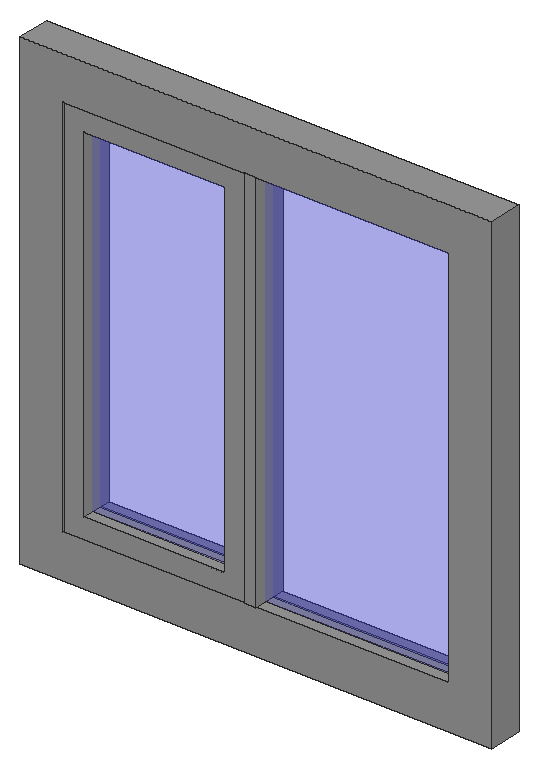
Revit family "Family64", category Windows, host Wall, Revit 2018
Family settings
  Host = Wall
  OmniClass Number = 23.30.20.00
  OmniClass Title = Windows
  Always vertical = Yes
  Cut with Voids When Loaded = No
  Shared = No
  Room Calculation Point = No
Parameters
  Window Frame = 84 mm
  Visual Light Transmittance = 0.81
  URL = "www.skywardwindows.co.za"
  Thermal Resistance (R) = 0.3196 (m²·K)/W
  Telephone = "021 276 1800"
  Solar Heat Gain Coefficient = 0.76
  Manufacturer = "Skyward Windows"
  Height = 1190 mm
  Heat Transfer Coefficient (U) = 3.1292 W/(m²·K)
  Glass Thickness = 4 mm
  Glass = Glass
  Frame = White
  Email Address = "info@skywardwindows.co.za"
  Default Sill Height = 800 mm
  Wall Closure = By host
  Width = 1190 mm
  Company Address = "Charles Matthews Street Atlantis 7349"
  Analytic Construction = "Double glazing - domestic"
Reference planes
  plane 1 "Center (Front/Back)": y = 0
  plane 2 "Center (Left/Right)": x = 0
  plane 3 "Left": x = -595
  plane 4 "Right": x = 595
  plane 5 "Sill": z = 800
  plane 6 "Head": z = 1990
  plane 7 "Exterior": y = 100
  plane 8 "Interior": y = -100
Forms (mm)
  Extrusion 1, solid, material "White" <- "Frame"
    sketch origin (0, -100, 0) x (1, 0, 0) y (0, 0, 1)
      loop
        line (-595, 1990) -> (-595, 800) -> (595, 800) -> (595, 1990) -> (-595, 1990)
      loop
        line (-486, 909) -> (486, 909) -> (486, 1881) -> (-486, 1881) -> (-486, 909)
    from -142 to -58
  Extrusion 2, solid, material "White" <- "Frame"
    sketch origin (0, -100, 0) x (1, 0, 0) y (0, 0, 1)
      loop
        line (-486, 1881) -> (-486, 909) -> (-30, 909) -> (-30, 1881) -> (-486, 1881)
      loop
        line (-436, 1831) -> (-436, 959) -> (-80, 959) -> (-80, 1831) -> (-436, 1831)
    from -140 to -60
  Extrusion 3, solid, material "White" <- "Frame"
    sketch origin (0, -100, 0) x (1, 0, 0) y (0, 0, 1)
      loop
        line (-27.495, 1881) -> (-27.495, 909) -> (0, 909) -> (0, 1881) -> (-27.495, 1881)
    from -142 to -58
  Extrusion 4, solid, material "Glass" <- "Glass"
    sketch origin (0, 0, 0) x (1, 0, 0) y (0, 1, 0)
      loop
        line (-436, 14) -> (-436, 10) -> (-80, 10) -> (-80, 14) -> (-436, 14)
      loop
        line (-436, -10) -> (-436, -14) -> (-80, -14) -> (-80, -10) -> (-436, -10)
    from 959 to 1831
  Extrusion 5, solid, material "Glass" <- "Glass"
    sketch origin (0, 0, 0) x (1, 0, 0) y (0, 1, 0)
      loop
        line (0, 14) -> (0, 10) -> (486, 10) -> (486, 14) -> (0, 14)
      loop
        line (486, -10) -> (0, -10) -> (0, -14) -> (486, -14) -> (486, -10)
    from 909 to 1881
Lines and regions (mm)
  Opening 1
    outline origin (3500, -100, 0) x (1, 0, 0) y (0, 0, 1)
      loop
        line (-2905, 800) -> (-2905, 1990) -> (-4095, 1990) -> (-4095, 800) -> (-2905, 800)
Text (mm)
  text "EXTERIOR" at (-1963.203, 1332.353, 0), in view "Ref. Level"
  text "INTERIOR" at (-1981.466, -818.386, 0), in view "Ref. Level"
  text "Exterior" at (0, 923.751, 2943.296), in view "Right"
  text "Exterior" at (0, 1040.484, 2685.409), in view "Left"
Dimensions and locks
  equal spacing: plane 3 "Left", plane 2 "Center (Left/Right)", plane 4 "Right"
  "Width": plane 3 "Left" to plane 4 "Right"
  "Height": plane 5 "Sill" to plane 6 "Head"
  "Default Sill Height": plane 5 "Sill" to level
  locked: plane 7 "Exterior" to host wall at 0
  locked: plane 8 "Interior" to host wall
  "Window Frame": Extrusion 1 to Extrusion 1
  "Glass Thickness": Extrusion 4 to Extrusion 4
  "Glass Thickness": Extrusion 5 to Extrusion 5
  aligned and locked: Extrusion 1 sketch curve to host wall  (x4)
  aligned and locked: Extrusion 4 to Extrusion 2
Automatic sketch dimensions
  Opening 1 sketch curve to plane 3 "Left" = 0 mm
  Opening 1 sketch curve to plane 4 "Right" = 0 mm
  Opening 1 sketch curve to plane 5 "Sill" = 0 mm
  Opening 1 sketch curve to plane 6 "Head" = 0 mm
  Extrusion 1 sketch curve to plane 3 "Left" = 109 mm
  plane 4 "Right" to Extrusion 1 sketch curve = 109 mm
  Extrusion 1 sketch curve to plane 5 "Sill" = 109 mm
  plane 6 "Head" to Extrusion 1 sketch curve = 109 mm
  Extrusion 2 sketch curve to plane 3 "Left" = 109 mm
  Extrusion 2 sketch curve to Extrusion 2 sketch curve = 50 mm  (x3)
  plane 2 "Center (Left/Right)" to Extrusion 2 sketch curve = 80 mm
  plane 2 "Center (Left/Right)" to Extrusion 2 sketch curve = 30 mm
  Extrusion 2 sketch curve to plane 5 "Sill" = 109 mm
  plane 6 "Head" to Extrusion 2 sketch curve = 159 mm
  plane 2 "Center (Left/Right)" to Extrusion 3 sketch curve = 0 mm
  plane 2 "Center (Left/Right)" to Extrusion 3 sketch curve = 27.495 mm
  Extrusion 3 sketch curve to plane 5 "Sill" = 109 mm
  plane 6 "Head" to Extrusion 3 sketch curve = 109 mm
  Extrusion 4 sketch curve to host wall = 14 mm
  Extrusion 4 sketch curve to plane 3 "Left" = 159 mm
  Extrusion 4 sketch curve to Extrusion 4 sketch curve = 0 mm  (x2)
  host wall to Extrusion 4 sketch curve = 10 mm
  plane 2 "Center (Left/Right)" to Extrusion 4 sketch curve = 80 mm
  Extrusion 4 sketch curve to Extrusion 4 sketch curve = 4 mm  (x2)
  Extrusion 5 sketch curve to plane 2 "Center (Left/Right)" = 0 mm  (x2)
  Extrusion 5 sketch curve to host wall = 14 mm
  plane 4 "Right" to Extrusion 5 sketch curve = 109 mm
  Extrusion 5 sketch curve to Extrusion 5 sketch curve = 0 mm
  Extrusion 5 sketch curve to Extrusion 5 sketch curve = 4 mm  (x2)
  host wall to Extrusion 5 sketch curve = 10 mm
